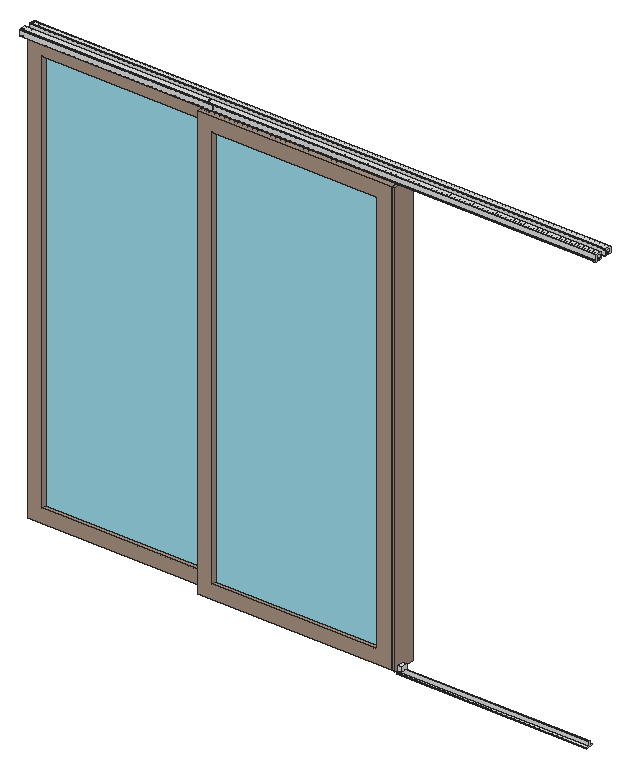
Revit family "Slido 2 Panel Pocket SPW2 XRDLP", category Doors, host Wall, Revit 2016
Family settings
  Host = Wall
  Always vertical = Yes
  Cut with Voids When Loaded = No
  Shared = No
  Room Calculation Point = No
Parameters (values of type "79"x 94 3/8"")
  URL = "www.raydoor.com"
  Type Image = SPW2.jpg
  Thickness = 2 1/4"  # constant formula
  Rough Width = 1"  # constant formula
  Rough Height = Width / 2 + 3 1/2"  # 43"
  Model = "SPW2"
  Function = Interior
  Door Material = Door - Panel
  Panel Material = Glass, Cast, Gray
  Height = 94 3/8"
  Trim Projection Ext = 63/64"  # constant formula
  Typ = 3"  # constant formula
  Wall Closure = By host
  Width = 79"
  Assembly Code = "SPW2 XRDLP"
Reference planes (in)
  plane 1: y = 0.00227
  plane 2: z = 0
  plane 3: x = 0
  plane 4: x = -39.5
  plane 5: x = 39.5
  plane 6: z = 94.375
  plane 7: x = 36.5
  plane 8: x = 38
  plane 9: x = -1.5
  plane 10: x = 0
  plane 11: x = 1.5
  plane 12: x = -38
  plane 13: x = -36.5
  plane 14: y = 0.125
  plane 15: y = -2.375
  plane 16: y = 2.375
  plane 17: y = -0.125
  plane 18: x = 82.5
  plane 19: x = 80.5
  plane 20: z = 92.375
Forms (in)
  Extrusion 1, solid, material "Door - Panel" <- "Door Material"
    sketch origin (-58, 2.62273, 0.25) x (1, 0, 0) y (0, 0, 1)
      loop
        line (56.5, 92.125) -> (56.5, 0.39072) -> (97.5, 0.39072) -> (97.5, 92.125) -> (56.5, 92.125)
      loop
        line (59.5, 89.125) -> (59.5, 3.39072) -> (94.5, 3.39072) -> (94.5, 89.125) -> (59.5, 89.125)
    from 2.74773 to 4.99609
  Extrusion 2, solid, material "Glass, Cast, Gray" <- "Panel Material"
    sketch origin (-57.74997, -27.47932, 0.25) x (1, 0, 0) y (0, 0, 1)
      loop
        line (56.24997, 92.125) -> (56.24997, 1.26572) -> (97.24998, 1.26572) -> (97.24998, 92.125) -> (56.24997, 92.125)
    from -26.35104 to -26.10268
  Extrusion 3, void
    sketch origin (-58, -9.64385, -90.75) x (1, 0, 0) y (0, 0, 1)
      loop
        line (56.5, 92.26572) -> (56.5, 91.39072) -> (97.5, 91.39072) -> (97.5, 92.26572) -> (56.5, 92.26572)
    from -8.51557 to -8.26721
  Extrusion 4, solid, material "Door - Panel" <- "Door Material"
    sketch origin (-99, 0.3721, 0.25) x (1, 0, 0) y (0, 0, 1)
      loop
        line (59.5, 92.125) -> (59.5, 0.39072) -> (100.5, 0.39072) -> (100.5, 92.125) -> (59.5, 92.125)
      loop
        line (62.5, 89.125) -> (62.5, 3.39072) -> (97.5, 3.39072) -> (97.5, 89.125) -> (62.5, 89.125)
    from -2.00126 to 0.2471
  Extrusion 5, solid, material "Glass, Cast, Gray" <- "Panel Material"
    sketch origin (-98.99995, -4.09164, 0.25) x (1, 0, 0) y (0, 0, 1)
      loop
        line (59.49995, 92.125) -> (59.49995, 1.26572) -> (100.5, 1.26572) -> (100.5, 92.125) -> (59.49995, 92.125)
    from -5.465 to -5.21664
  Extrusion 6, void
    sketch origin (-99, -11.89221, -90.75) x (1, 0, 0) y (0, 0, 1)
      loop
        line (59.5, 92.26572) -> (59.5, 91.39072) -> (100.5, 91.39072) -> (100.5, 92.26572) -> (59.5, 92.26572)
    from -13.26557 to -13.01721
  Extrusion 7, solid, material "UHMW, White", detail levels medium+fine
    sketch origin (88.27771, -1.73342, 0.25) x (0, 1, 0) y (0, 0, 1)
      loop
        line (-0.04289, 93.90625) -> (-0.04289, 92.93401) -> (1.00562, 92.93401) -> (1.00562, 93.90625) -> (-0.04289, 93.90625)
    from -89.52771 to -87.02771
  Extrusion 8, solid, material "UHMW, White", detail levels medium+fine
    sketch origin (88.27771, 0.76658, 0.25) x (0, 1, 0) y (0, 0, 1)
      loop
        line (-0.04125, 93.90625) -> (-0.04125, 92.93401) -> (1.00726, 92.93401) -> (1.00726, 93.90625) -> (-0.04125, 93.90625)
    from -89.52771 to -87.02771
  Extrusion 9, solid, material "UHMW, White"
    sketch origin (0, 42.66856, -9.0893) x (0, 1, 0) y (0, 0, 1)
      loop
        line (-40.80127, 103.34523) -> (-40.84079, 103.34523)
        arc (-40.84079, 103.34523) -> (-40.90599, 103.30759) -> (-40.90599, 103.38288) r 0.04347
        line (-40.90599, 103.38288) -> (-40.90599, 103.4643) -> (-41.9295, 103.4643) -> (-41.9295, 103.38288)
        arc (-41.9295, 103.38288) -> (-41.9295, 103.30759) -> (-41.9947, 103.34523) r 0.04347
        line (-41.9947, 103.34523) -> (-42.03427, 103.34523) -> (-42.03427, 102.19046)
        arc (-42.03427, 102.19046) -> (-42.02299, 102.16323) -> (-41.99576, 102.15195) r 0.03851
        arc (-41.99576, 102.15195) -> (-41.95385, 102.17282) -> (-41.91201, 102.1518) r 0.05233
        line (-41.91201, 102.1518) -> (-41.71412, 102.1518) -> (-41.71412, 102.23173) -> (-41.93147, 102.25074) -> (-41.96309, 102.36873) -> (-41.96309, 103.22916) -> (-41.82873, 103.24091) -> (-41.82873, 103.37055) -> (-41.65485, 103.37055) -> (-41.65485, 103.27372) -> (-41.59557, 103.27372) -> (-41.59557, 103.37055) -> (-41.23991, 103.37055) -> (-41.23991, 103.27372) -> (-41.18064, 103.27372) -> (-41.18064, 103.37055) -> (-41.00676, 103.37055) -> (-41.00676, 103.24091) -> (-40.8724, 103.22916) -> (-40.8724, 102.36873) -> (-40.90402, 102.25074) -> (-41.12136, 102.23173) -> (-41.12136, 102.15173) -> (-40.92345, 102.15173)
        arc (-40.92345, 102.15173) -> (-40.88156, 102.17271) -> (-40.83967, 102.15173) r 0.0523
        arc (-40.83967, 102.15173) -> (-40.81252, 102.16298) -> (-40.80127, 102.19014) r 0.0384
        line (-40.80127, 102.19014) -> (-40.80127, 103.34523)
    from -39.5 to 82.5
  Extrusion 10, solid, material "UHMW, White"
    sketch origin (-41.44048, 1.65912, 94.125) x (0, -1, 0) y (1, 0, 0)
      loop
        circle (2.90868, 41.44048) r 0.125
    from -1.75 to 0.25
  Extrusion 11, solid, material "UHMW, White"
    sketch origin (0, 40.4202, -9.0893) x (0, 1, 0) y (0, 0, 1)
      loop
        line (-41.49257, 103.37055) -> (-41.49257, 103.27372) -> (-41.43329, 103.27372) -> (-41.43329, 103.37055) -> (-41.25941, 103.37055) -> (-41.25941, 103.24091) -> (-41.12505, 103.22916) -> (-41.12505, 102.30623) -> (-41.13952, 102.25224) -> (-41.37401, 102.23173) -> (-41.37401, 102.15173) -> (-41.1761, 102.15173)
        arc (-41.1761, 102.15173) -> (-41.13421, 102.17271) -> (-41.09232, 102.15173) r 0.0523
        arc (-41.09232, 102.15173) -> (-41.06517, 102.16298) -> (-41.05392, 102.19014) r 0.0384
        line (-41.05392, 102.19014) -> (-41.05392, 103.34523) -> (-41.09344, 103.34523)
        arc (-41.09344, 103.34523) -> (-41.15864, 103.30759) -> (-41.15864, 103.38288) r 0.04347
        line (-41.15864, 103.38288) -> (-41.15864, 103.4643) -> (-42.18215, 103.4643) -> (-42.18215, 103.38288)
        arc (-42.18215, 103.38288) -> (-42.18215, 103.30759) -> (-42.24735, 103.34523) r 0.04347
        line (-42.24735, 103.34523) -> (-42.28692, 103.34523) -> (-42.28692, 102.19046)
        arc (-42.28692, 102.19046) -> (-42.27564, 102.16323) -> (-42.24841, 102.15195) r 0.03851
        arc (-42.24841, 102.15195) -> (-42.2065, 102.17282) -> (-42.16466, 102.1518) r 0.05233
        line (-42.16466, 102.1518) -> (-41.96678, 102.1518) -> (-41.96678, 102.23173) -> (-42.20127, 102.25224) -> (-42.21574, 102.30623) -> (-42.21574, 103.22916) -> (-42.08138, 103.24091) -> (-42.08138, 103.37055) -> (-41.9075, 103.37055) -> (-41.9075, 103.27372) -> (-41.84822, 103.27372) -> (-41.84822, 103.37055) -> (-41.49257, 103.37055)
    from -39.5 to 82.5
  Extrusion 12, solid, material "UHMW, White"
    sketch origin (-92.86615, -11.16274, 94.125) x (0, -1, 0) y (1, 0, 0)
      loop
        circle (-12.41356, 54.86615) r 0.125
    from -1.75 to 0.25
  Extrusion 13, void
    sketch origin (-99, -5.58383, 0.25) x (1, 0, 0) y (0, 0, 1)
      loop
        line (138.5, -0.25) -> (181.5, -0.25) -> (181.5, 94.125) -> (138.5, 94.125) -> (138.5, -0.25)
    from -8.33609 to -2.83609
  Extrusion 14, void
    sketch origin (-195.25, -5.58383, 0.25) x (1, 0, 0) y (0, 0, 1)
      loop
        line (155.75, -0.25) -> (234.75, -0.25) -> (234.75, 94.125) -> (155.75, 94.125) -> (155.75, -0.25)
    from -8.83609 to -2.33609
  Extrusion 15, solid, material "UHMW, White", detail levels medium+fine
    sketch origin (128.77771, -1.73342, 0.25) x (0, 1, 0) y (0, 0, 1)
      loop
        line (1.16764, -0.25) -> (1.16764, -0.0625) -> (0.60514, -0.0625) -> (0.60514, 0.75) -> (0.41764, 0.75) -> (0.41764, -0.0625) -> (-0.14486, -0.0625) -> (-0.14486, -0.25) -> (1.16764, -0.25)
    from -88.5277 to -48.2777
  Extrusion 16, solid, material "Door - Panel" <- "Door Material"
    sketch origin (0, 0, 0) x (1, 0, 0) y (0, 1, 0)
      loop
        line (39.5, -2.375) -> (40.25, -2.375) -> (40.25, 2.375) -> (39.5, 2.375) -> (39.5, -2.375)
    from 0.64072 to 92.375
  Extrusion 17, solid, material "UHMW, White", detail levels medium+fine
    sketch origin (129.52771, -1.73342, 0.25) x (0, 1, 0) y (0, 0, 1)
      loop
        line (1.16764, 1.39072) -> (-0.14486, 1.39072) -> (-0.14486, 0.39072) -> (0.41764, 0.39072) -> (0.41764, 0.89072) -> (0.60514, 0.89072) -> (0.60514, 0.39072) -> (1.16764, 0.39072) -> (1.16764, 1.39072)
    from -89.2777 to -88.2777
Cuts and joins
  Extrusion 3 cuts Extrusion 1
  Extrusion 3 cuts Extrusion 2
  Extrusion 6 cuts Extrusion 4
  Extrusion 6 cuts Extrusion 5
Lines and regions (in)
  Masking region 1
    outline origin (-7.24693, 27.04592, 0) x (1, 0, 0) y (0, 1, 0)
      loop
        line (88.49693, -29.42092) -> (88.49693, -28.9242) -> (89.49693, -28.9242) -> (89.49693, -27.6117) -> (88.49693, -27.6117) -> (88.49693, -24.67092) -> (87.74693, -24.67092) -> (87.74693, -27.17092) -> (46.74693, -27.17092) -> (46.74693, -29.42092) -> (88.49693, -29.42092)
  Masking region 2
    outline origin (-7.24693, 29.28975, 0) x (1, 0, 0) y (0, 1, 0)
      loop
        line (87.74693, -29.16475) -> (87.74693, -26.91475) -> (46.74693, -26.91475) -> (46.74693, -29.16475) -> (87.74693, -29.16475)
  symbolic lines, style "Elevation Swing"
    curve 1: line (-23.87555, 0, 37.98833) -> (17.4602, 0, 37.98833)
    curve 2: line (17.58465, 0, 32.79755) -> (-23.37555, 0, 32.79755)
    curve 3: line (-23.87555, 0, 37.98833) -> (-18.6794, 0, 40.98833)
    curve 4: line (12.38849, 0, 29.79755) -> (17.58465, 0, 32.79755)
  symbolic lines, style "Plan Swing"
    curve 5: line (24.5, -14.80138, 0) -> (8.7102, -14.80138, 0)
    curve 6: line (8.7102, -14.80138, 0) -> (10.83152, -12.68006, 0)
    curve 7: line (24.5, -16.32036, 0) -> (8.7102, -16.32036, 0)
    curve 8: line (22.37868, -18.44168, 0) -> (24.5, -16.32036, 0)
  model lines
    curve 9: line (-39.5, 3.25227, 0) -> (39.5, 3.25227, 0)
  symbolic lines, style "Plan Swing", detail levels medium+fine
    curve 10: line (81.25, -2.375, 0) -> (81.25, 2.375, 0)
    curve 11: line (80.5, -2.375, 0) -> (80.5, 2.375, 0)
Dimensions and locks (in)
  equal spacing: plane 4, plane 3, plane 5
  "Width": plane 4 to plane 5
  "Height": plane 6 to plane 2
  equal spacing: plane 7, plane 8, plane 5, locked at 1.5 each
  "Typ": plane 7 to plane 5
  equal spacing: plane 9, plane 10, plane 11, locked at 1.5 each
  "Typ": plane 9 to plane 11
  equal spacing: plane 12, plane 10, plane 8
  "Typ": Extrusion 1 sketch curve to Extrusion 1 sketch curve
  locked: Extrusion 2 to Extrusion 2 at 0.24836
  locked: Extrusion 2 sketch curve to Extrusion 1 at 0.875
  locked: Extrusion 3 to Extrusion 3 at 0.24836
  "Typ": Extrusion 4 sketch curve to Extrusion 4 sketch curve
  locked: Extrusion 5 to Extrusion 5 at 0.24836
  locked: Extrusion 4 to Extrusion 5 at 1
  locked: Extrusion 5 sketch curve to Extrusion 4 at 0.875
  locked: Extrusion 6 to Extrusion 6 at 0.24836
  locked: plane 14 to plane 17 at 0.25
  "Typ": plane 4 to plane 13
  "Thickness": plane 16 to plane 14
  "Thickness": plane 17 to plane 15
  equal spacing: plane 4, plane 12, plane 13, locked at 1.5 each
  locked: Extrusion 7 to Extrusion 7 at 2.5
  locked: Extrusion 8 to Extrusion 8 at 2.5
  locked: cut or joined group of Extrusion 2, Extrusion 3 to plane 15 at 0.99836
  locked: plane 16 to Extrusion 12 sketch curve at 1.24918
  locked: Extrusion 10 sketch curve to plane 15 at 1.00044
  "Rough Height": plane 5 to plane 18
  equal spacing: Extrusion 13, plane 1, Extrusion 13, locked at 2.75 each
  locked: plane 19 to plane 18 at 2
  locked: Extrusion 10 sketch curve to plane 11 at 1.375
  locked: plane 4 to Extrusion 12 sketch curve at 1.625
  Extrusion 15 sketch curve to Extrusion 15 sketch curve = 3/16"
  locked: Extrusion 15 sketch curve to Extrusion 15 sketch curve at 0.5625  (x2)
  locked: Extrusion 15 sketch curve to Extrusion 15 sketch curve at 0.1875
  locked: plane 5 to Extrusion 16 sketch curve at 0.75
  locked: Extrusion 17 sketch curve to Extrusion 17 sketch curve at 1
  locked: Extrusion 17 sketch curve to Extrusion 17 sketch curve at 0.5625  (x2)
  locked: Extrusion 17 sketch curve to Extrusion 17 sketch curve at 0.1875
  locked: Extrusion 16 to Extrusion 17 at 1
  plane 19 to Masking region 1 sketch curve = 3/4"
  locked: plane 19 to Masking region 1 sketch curve at 1.75
  plane 6 to plane 20 = 2"
  level to cut or joined group of Extrusion 1, Extrusion 3 = 0.64072"
  plane 16 to plane 14 = 2 1/4"
  plane 17 to plane 15 = 2 1/4"
  plane 16 to plane 15 = 4 3/4"
  Extrusion 9 to Extrusion 9 = 1.233"
  Extrusion 11 to Extrusion 11 = 1.233"
  Extrusion 11 to plane 6 = 1 5/16"
  plane 14 to plane 17 = 1/4"
  plane 20 to plane 6 = 2"
  diameter of Extrusion 10 sketch curve = 1/4"
  diameter of Extrusion 12 sketch curve = 1/4"
  aligned and locked: plane 5 to curve 9
  aligned and locked: Extrusion 1 to Extrusion 2
  aligned and locked: Extrusion 1 to Extrusion 3  (x2)
  aligned and locked: Extrusion 4 to Extrusion 5
  aligned and locked: Extrusion 4 to Extrusion 6  (x2)
  aligned and locked: plane 4 to cut or joined group of Extrusion 4, Extrusion 6
  aligned and locked: plane 4 to cut or joined group of Extrusion 5, Extrusion 6
  aligned and locked: cut or joined group of Extrusion 4, Extrusion 6 to plane 13
  aligned and locked: Masking region 2 to plane 16
  aligned and locked: Masking region 2 to plane 14
  aligned and locked: plane 4 to Extrusion 11
  aligned and locked: plane 4 to Extrusion 9
  aligned and locked: Masking region 1 to plane 17
  aligned and locked: Masking region 1 to plane 15
  aligned and locked: Extrusion 13 sketch curve to plane 6
  aligned and locked: Extrusion 13 to plane 18
  aligned and locked: plane 4 to Extrusion 14
  aligned and locked: host wall to Extrusion 14  (x2)
  aligned and locked: Extrusion 14 to plane 5
  aligned and locked: plane 5 to Extrusion 13
  aligned and locked: Extrusion 14 to level
  aligned and locked: Extrusion 13 sketch curve to level
  aligned and locked: plane 5 to Masking region 1
  aligned and locked: plane 5 to Masking region 2
  aligned and locked: Masking region 2 to plane 19
  aligned and locked: plane 9 to cut or joined group of Extrusion 4, Extrusion 6
  aligned and locked: plane 9 to cut or joined group of Extrusion 1, Extrusion 3
  aligned and locked: plane 9 to cut or joined group of Extrusion 2, Extrusion 3
  aligned and locked: Extrusion 11 to plane 18
  aligned and locked: Extrusion 9 to plane 18
  aligned and locked: Extrusion 15 sketch curve to Extrusion 15 sketch curve
  aligned and locked: Extrusion 15 to plane 19
  aligned and locked: cut or joined group of Extrusion 2, Extrusion 3 to Extrusion 15
  aligned and locked: plane 5 to Extrusion 16 sketch curve
  aligned and locked: Extrusion 16 sketch curve to plane 15
  aligned and locked: plane 16 to Extrusion 16 sketch curve
  aligned and locked: cut or joined group of Extrusion 1, Extrusion 3 to Extrusion 16
  aligned and locked: Extrusion 16 to cut or joined group of Extrusion 1, Extrusion 3
  aligned and locked: Extrusion 17 to Extrusion 16
  aligned and locked: plane 19 to Masking region 1 sketch curve
  aligned and locked: Masking region 1 sketch curve to Masking region 2
  aligned and locked: Extrusion 17 to Masking region 1 sketch curve
  aligned and locked: Masking region 1 sketch curve to Masking region 1 sketch curve
  aligned and locked: Masking region 1 sketch curve to Extrusion 17
  aligned and locked: Extrusion 17 sketch curve to cut or joined group of Extrusion 1, Extrusion 3  (x2)
  aligned and locked: cut or joined group of Extrusion 4, Extrusion 6 to plane 20
  aligned and locked: cut or joined group of Extrusion 1, Extrusion 3 to plane 20
  aligned and locked: Extrusion 15 to Extrusion 16
  aligned and locked: Extrusion 12 to plane 6
  aligned and locked: Extrusion 4 to cut or joined group of Extrusion 1, Extrusion 3
Automatic sketch dimensions
  curve 3 to plane 13 = 12.62445"
  level to curve 3 = 37.98833"
  curve 4 to plane 11 = 16.08465"
  curve 1 to curve 4 = 5.19077"
  plane 9 to curve 3 = 17.1794"
  curve 3 to curve 1 = 3"
  curve 4 to plane 11 = 10.88849"
  curve 2 to curve 4 = 3"
  curve 1 to curve 2 = 1/2"
  curve 1 to curve 2 = 0.12445"
  plane 15 to curve 11 = 0"
  curve 11 to plane 19 = 0"
  plane 16 to curve 10 = 0"
  plane 15 to curve 10 = 0"
  plane 16 to curve 11 = 0"
  plane 7 to curve 8 = 12"
  curve 6 to plane 11 = 7.2102"
  host wall to curve 5 = 11.55364"
  curve 8 to curve 5 = 1.51898"
  curve 5 to curve 7 = 0"
  curve 8 to curve 7 = 2.12132"  (x2)
  curve 5 to curve 6 = 2.12132"  (x2)
  curve 7 to curve 5 = 0"
  curve 11 to curve 10 = 3/4"
  curve 9 to level = 0"
  plane 4 to curve 9 = 0"
  Masking region 1 sketch curve to plane 5 = 0"
  plane 15 to Masking region 1 sketch curve = 0"
  Masking region 1 sketch curve to plane 17 = 0"
  Masking region 2 sketch curve to plane 5 = 0"
  plane 16 to Masking region 2 sketch curve = 0"
  Masking region 2 sketch curve to plane 19 = 0"
  Masking region 2 sketch curve to plane 14 = 0"
  plane 9 to Extrusion 2 sketch curve = 0"
  Extrusion 2 sketch curve to plane 20 = 0"
  Extrusion 2 sketch curve to plane 5 = 0"
  plane 9 to Extrusion 3 sketch curve = 0"
  plane 5 to Extrusion 3 sketch curve = 0"
  level to Extrusion 3 sketch curve = 0.64072"
  Extrusion 3 sketch curve to Extrusion 3 sketch curve = 7/8"
  plane 4 to Extrusion 5 sketch curve = 0"
  Extrusion 5 sketch curve to plane 20 = 0"
  Extrusion 5 sketch curve to plane 11 = 0.00005"
  plane 4 to Extrusion 6 sketch curve = 0"
  plane 11 to Extrusion 6 sketch curve = 0"
  level to Extrusion 6 sketch curve = 0.64072"
  Extrusion 6 sketch curve to Extrusion 6 sketch curve = 7/8"
  plane 15 to Extrusion 7 sketch curve = 0.59869"
  Extrusion 7 sketch curve to plane 17 = 0.6028"
  Extrusion 7 sketch curve to plane 20 = 0.80901"
  plane 6 to Extrusion 7 sketch curve = 7/32"
  plane 14 to Extrusion 8 sketch curve = 0.60033"
  Extrusion 8 sketch curve to plane 16 = 0.60116"
  Extrusion 8 sketch curve to plane 20 = 0.80901"
  plane 6 to Extrusion 8 sketch curve = 7/32"
  plane 5 to Extrusion 13 sketch curve = 0"
  plane 18 to Extrusion 13 sketch curve = 0"
  plane 4 to Extrusion 14 sketch curve = 0"
  plane 5 to Extrusion 14 sketch curve = 0"
  Extrusion 14 sketch curve to level = 0"
  Extrusion 14 sketch curve to plane 6 = 0"
  Extrusion 15 sketch curve to level = 0"
  plane 15 to Extrusion 15 sketch curve = 0.49672"
  Extrusion 15 sketch curve to Extrusion 15 sketch curve = 13/16"
  plane 15 to Extrusion 17 sketch curve = 0.49672"
  Extrusion 17 sketch curve to Extrusion 17 sketch curve = 1/2"
  plane 9 to Extrusion 1 sketch curve = 0"
  plane 7 to Extrusion 1 sketch curve = 0"
  plane 5 to Extrusion 1 sketch curve = 0"
  Extrusion 1 sketch curve to plane 20 = 0"
  plane 11 to Extrusion 1 sketch curve = 0"
  level to Extrusion 1 sketch curve = 3.64072"
  plane 4 to Extrusion 4 sketch curve = 0"
  plane 13 to Extrusion 4 sketch curve = 0"
  plane 9 to Extrusion 4 sketch curve = 0"
  Extrusion 4 sketch curve to plane 20 = 0"
  Extrusion 4 sketch curve to plane 11 = 0"
  level to Extrusion 4 sketch curve = 3.64072"
  plane 20 to Extrusion 4 sketch curve = 3"
  plane 20 to Extrusion 1 sketch curve = 3"
  plane 6 to Extrusion 11 sketch curve = 0"
  plane 6 to Extrusion 11 sketch curve = 0.11907"
  plane 15 to Extrusion 11 sketch curve = 0.50828"
  Extrusion 11 sketch curve to Extrusion 11 sketch curve = 0.03851"
  Extrusion 11 sketch curve to Extrusion 11 sketch curve = 0.03957"
  Extrusion 11 sketch curve to Extrusion 11 sketch curve = 0.03268"
  Extrusion 11 sketch curve to Extrusion 11 sketch curve = 0.04182"
  Extrusion 11 sketch curve to Extrusion 11 sketch curve = 0.04347"  (x2)
  Extrusion 11 sketch curve to Extrusion 11 sketch curve = 0.01447"  (x2)
  Extrusion 11 sketch curve to Extrusion 11 sketch curve = 0.02173"  (x2)
  Extrusion 11 sketch curve to Extrusion 11 sketch curve = 0.04193"
  Extrusion 11 sketch curve to Extrusion 11 sketch curve = 0.10077"  (x2)
  Extrusion 11 sketch curve to Extrusion 11 sketch curve = 0.19789"
  Extrusion 11 sketch curve to Extrusion 11 sketch curve = 0.17388"  (x2)
  Extrusion 11 sketch curve to Extrusion 11 sketch curve = 0.05928"  (x2)
  plane 6 to Extrusion 11 sketch curve = 3/32"  (x3)
  Extrusion 11 sketch curve to Extrusion 11 sketch curve = 0.35566"
  Extrusion 11 sketch curve to Extrusion 11 sketch curve = 0.59276"
  Extrusion 11 sketch curve to Extrusion 11 sketch curve = 0.19792"
  Extrusion 11 sketch curve to Extrusion 11 sketch curve = 0.03658"
  Extrusion 11 sketch curve to Extrusion 11 sketch curve = 0.04189"
  Extrusion 11 sketch curve to Extrusion 11 sketch curve = 0.04719"
  Extrusion 11 sketch curve to Extrusion 11 sketch curve = 0.0384"
  Extrusion 11 sketch curve to Extrusion 11 sketch curve = 0.09683"  (x2)
  Extrusion 11 sketch curve to Extrusion 11 sketch curve = 0.10432"
  Extrusion 11 sketch curve to Extrusion 11 sketch curve = 0.03281"
  Extrusion 11 sketch curve to Extrusion 11 sketch curve = 0.11608"  (x2)
  Extrusion 11 sketch curve to Extrusion 11 sketch curve = 0.01175"
  Extrusion 11 sketch curve to plane 20 = 0.84192"  (x2)
  Extrusion 11 sketch curve to Extrusion 11 sketch curve = 0.05398"  (x2)
  Extrusion 11 sketch curve to Extrusion 11 sketch curve = 0.02052"  (x2)
  Extrusion 11 sketch curve to Extrusion 11 sketch curve = 0.06179"
  Extrusion 11 sketch curve to Extrusion 11 sketch curve = 0.06211"
  Extrusion 11 sketch curve to Extrusion 11 sketch curve = 0.07992"
  Extrusion 11 sketch curve to Extrusion 11 sketch curve = 0.03133"
  plane 6 to Extrusion 9 sketch curve = 0"
  plane 6 to Extrusion 9 sketch curve = 0.11907"
  plane 14 to Extrusion 9 sketch curve = 0.50929"
  Extrusion 9 sketch curve to Extrusion 9 sketch curve = 0.03851"
  Extrusion 9 sketch curve to Extrusion 9 sketch curve = 0.03957"
  plane 6 to Extrusion 9 sketch curve = 0.23515"  (x2)
  Extrusion 9 sketch curve to Extrusion 9 sketch curve = 0.03161"  (x2)
  Extrusion 9 sketch curve to Extrusion 9 sketch curve = 0.04182"
  Extrusion 9 sketch curve to Extrusion 9 sketch curve = 0.04347"  (x2)
  Extrusion 9 sketch curve to Extrusion 9 sketch curve = 0.06429"
  Extrusion 9 sketch curve to Extrusion 9 sketch curve = 0.02173"  (x2)
  Extrusion 9 sketch curve to Extrusion 9 sketch curve = 0.04193"
  Extrusion 9 sketch curve to Extrusion 9 sketch curve = 0.13436"
  Extrusion 9 sketch curve to Extrusion 9 sketch curve = 0.19789"
  Extrusion 9 sketch curve to Extrusion 9 sketch curve = 0.17388"  (x2)
  Extrusion 9 sketch curve to Extrusion 9 sketch curve = 0.05928"  (x2)
  plane 6 to Extrusion 9 sketch curve = 3/32"  (x3)
  Extrusion 9 sketch curve to Extrusion 9 sketch curve = 0.35566"
  Extrusion 9 sketch curve to Extrusion 9 sketch curve = 0.59276"
  Extrusion 9 sketch curve to Extrusion 9 sketch curve = 0.19792"
  Extrusion 9 sketch curve to Extrusion 9 sketch curve = 0.10077"
  Extrusion 9 sketch curve to Extrusion 9 sketch curve = 0.01943"
  Extrusion 9 sketch curve to Extrusion 9 sketch curve = 0.04189"  (x2)
  Extrusion 9 sketch curve to Extrusion 9 sketch curve = 0.0384"
  Extrusion 9 sketch curve to plane 20 = 0.90442"
  Extrusion 9 sketch curve to Extrusion 9 sketch curve = 0.11799"  (x2)
  Extrusion 9 sketch curve to Extrusion 9 sketch curve = 0.01902"  (x2)
  Extrusion 9 sketch curve to Extrusion 9 sketch curve = 0.06029"
  Extrusion 9 sketch curve to Extrusion 9 sketch curve = 0.06061"
  Extrusion 9 sketch curve to Extrusion 9 sketch curve = 0.07992"
  Extrusion 9 sketch curve to Extrusion 9 sketch curve = 0.03133"
  Extrusion 9 sketch curve to Extrusion 9 sketch curve = 0.01175"  (x2)
  Extrusion 9 sketch curve to Extrusion 9 sketch curve = 0.09683"  (x2)
  Extrusion 9 sketch curve to Extrusion 9 sketch curve = 0.11608"
  Extrusion 9 sketch curve to plane 20 = 0.6561"
